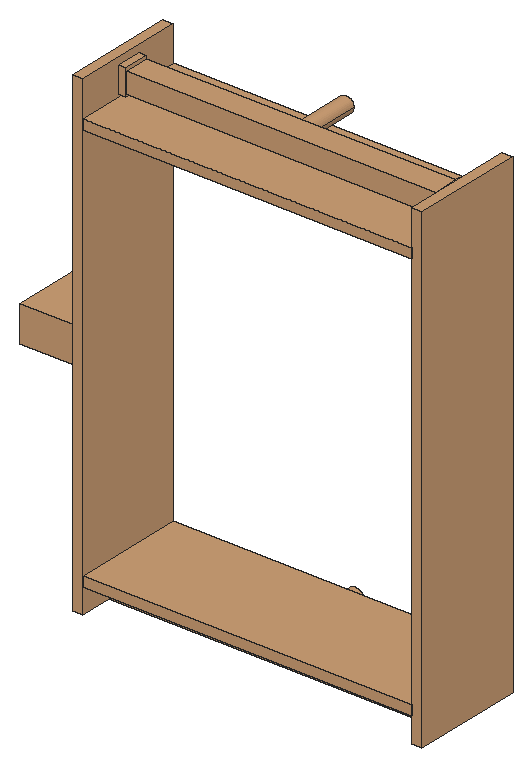
Revit family
Parameters
  Center Of Unit = 0' - 0"  # constant formula
  Water Pressure Drop [instance] = 0.00 psi
  Water Flow [instance] = 0 GPM
  Unit Weight (lbs) = 790
  URL = "http://www.ljwing.com/"
  Water Outlet Radius = 0' - 1 1/2"
  Water Outlet Odd sizes = 0' - 0"
  Total Heating Capacity [instance] = 0.0 Btu/h
  Temperature Rise [instance] = 0 °F
  Series = "VIFB"
  Outlet Area = 34.80 SF
  Number of Rows = 1  # constant formula
  Number of Coils [instance] = 0
  Nominal Length = 5' - 8 5/16"
  Model = "VE-6"
  Manufacturer = "LJ Wing"
  Leaving Water Temperature [instance] = 0 °F
  Leaving Air Temperature [instance] = 0 °F
  Face Velocity (FPM) [instance] = 0
  Entering Water Temperature [instance] = 0 °F
  Entering Air Temperature [instance] = 0 °F
  Description = "Vertical Integral Face & Bypass Water Heating Coils"
  Hot Water Odd Sizes = 0' - 0"
  Hot Water Inlet Offset = 0' - 4 3/8"  # constant formula
  Hot Water Inlet  Radius = 0' - 1 1/2"
  Coil Face Area = Outlet Area * 0.56  # 19.488 SF
  Casing Material = ""
  Assembly Code = "D3020300"
  Air Pressure Drop [instance] = 0.00 in-wg
  Air Inlet Width = Nominal Length - 0' 4"  # 5' - 4 5/16"
  Air Inlet Height = Y  # 6' - 6"
  Air Flow [instance] = 0 CFM
  Z = 0' - 2 1/8"
  Y = 6' - 6"
  S = 0' - 6 13/16"
  Product URL = "http://www.ljwing.com/html/vifb.asp"
  OmniClass = "23-75 70 21 14"
  Nominal Height = 7' - 9 11/16"
  Nominal Depth = 1' - 10"
  R = 0' - 8 7/8"
  Q = 0' - 4 5/32"
  P = 0' - 3 3/4"
  L = 0' - 3"
Reference planes (in)
  plane 1 "Center (Front/Back)": y = 0
  plane 2: z = -39
  plane 3 "Center (Left/Right)": x = 0
  plane 4: z = 47.875
  plane 5: x = -34.15625
  plane 6: x = 34.15625
  plane 7: z = -45.8125
  plane 8: z = 0
  plane 9: y = -11
  plane 10: y = 11
  plane 11: z = 39
  plane 12: z = 41
  plane 13: z = -41
  plane 14: x = 32.15625
  plane 15: x = -32.15625
  plane 16: z = 44.125
  plane 17: z = -42.8125
  plane 18: x = -30
  plane 19: x = 30
  plane 20: y = 13.125
  plane 21: y = 15.375
  plane 22: x = -45.15625
  plane 23: x = 0
  plane 24: x = 0
  plane 25: z = 46.125
  plane 26: z = 42.125
  plane 27: y = -2.5
  plane 28: y = 2.5
  plane 29: y = -4.5
Forms (in)
  Extrusion 1, solid, material "Painted Finish"
    sketch origin (0, 6, -9.75) x (1, 0, 0) y (0, 0, 1)
      loop
        line (-34.15625, -36.0625) -> (-32.15625, -36.0625) -> (-32.15625, 57.625) -> (-34.15625, 57.625) -> (-34.15625, -36.0625)
      loop
        line (34.15625, -36.0625) -> (34.15625, 57.625) -> (32.15625, 57.625) -> (32.15625, -36.0625) -> (34.15625, -36.0625)
    from -5 to 17
  Extrusion 2, solid, material "Painted Finish"
    sketch origin (0, 6, 0) x (1, 0, 0) y (0, 0, 1)
      loop
        line (32.15625, -39) -> (-32.15625, -39) -> (-32.15625, -41) -> (32.15625, -41) -> (32.15625, -39)
      loop
        line (32.15625, 39) -> (32.15625, 41) -> (-32.15625, 41) -> (-32.15625, 39) -> (32.15625, 39)
    from -5 to 17
  Extrusion 3, solid, material "Painted Finish"
    sketch origin (0, 10, -0.5) x (1, 0, 0) y (0, 0, 1)
      loop
        line (-34.15625, 4) -> (-45.15625, 4) -> (-45.15625, -3) -> (-34.15625, -3) -> (-34.15625, 4)
    from 0 to 20
  Extrusion 4, solid, material "Painted Finish"
    sketch origin (0, 6, 0) x (1, 0, 0) y (0, 0, 1)
      loop
        line (-30.53125, 46.125) -> (-30.53125, 42.125) -> (30.53125, 42.125) -> (30.53125, 46.125) -> (-30.53125, 46.125)
    from 3.5 to 8.5
  Extrusion 5, solid, material "Painted Finish"
    sketch origin (0, 0, 0) x (1, 0, 0) y (0, 0, 1)
      loop
        line (-30.53125, 41.625) -> (-30.53125, 46.625) -> (-32.15625, 46.625) -> (-32.15625, 41.625) -> (-30.53125, 41.625)
      loop
        line (32.15625, 41.625) -> (32.15625, 46.625) -> (30.53125, 46.625) -> (30.53125, 41.625) -> (32.15625, 41.625)
    from -2.5 to 2.5
  Extrusion 6, solid, material "Painted Finish"
    sketch origin (0, 23, 0) x (1, 0, 0) y (0, 0, 1)
      loop
        circle (0, 44.125) r 1.5
    from 9.875 to 20.5
  Extrusion 7, solid, material "Painted Finish"
    sketch origin (0, 6, 0) x (1, 0, 0) y (0, 0, 1)
      loop
        line (-32.15625, -41) -> (-32.15625, -45.8125) -> (32.15625, -45.8125) -> (32.15625, -41) -> (-32.15625, -41)
    from -5 to 10.5
  Extrusion 8, solid, material "Painted Finish"
    sketch origin (0, 23, 0) x (1, 0, 0) y (0, 0, 1)
      loop
        circle (0, -42.8125) r 1.5
    from 7.625 to 12
  Extrusion 9, void
    sketch origin (0, 0, 0) x (1, 0, 0) y (0, 0, 1)
      loop
        line (-32.15625, 39) -> (-32.15625, -39) -> (32.15625, -39) -> (32.15625, 39) -> (-32.15625, 39)
    from -11 to 11
Cuts and joins
  Extrusion 9 cuts Extrusion 1
  Extrusion 9 cuts Extrusion 2
Dimensions and locks (in)
  "Nominal Length": plane 6 to plane 5
  equal spacing: plane 6, plane 3 "Center (Left/Right)", plane 5
  "S": plane 2 to plane 7
  "Nominal Depth": plane 10 to plane 9
  equal spacing: plane 10, plane 1 "Center (Front/Back)", plane 9
  "Y": plane 11 to plane 2
  "R": plane 4 to plane 11
  locked: plane 12 to plane 11 at 2
  locked: plane 2 to plane 13 at 2
  "P": plane 4 to plane 16
  "L": plane 17 to plane 7
  "Q": plane 18 to plane 5
  "Q": plane 6 to plane 19
  "Z": plane 20 to plane 10
  "Hot Water Inlet Offset": plane 21 to plane 10
  locked: plane 5 to plane 22 at 11
  locked: Extrusion 3 sketch curve to Extrusion 3 sketch curve at 7
  locked: Extrusion 3 to Extrusion 3 at 20
  locked: plane 6 to plane 14 at 2
  locked: plane 15 to plane 5 at 2
  "Water Outlet Odd sizes": plane 23 to plane 3 "Center (Left/Right)"
  "Hot Water Odd Sizes": plane 3 "Center (Left/Right)" to plane 24
  equal spacing: plane 25, plane 16, plane 26
  locked: Extrusion 5 sketch curve to plane 25 at 0.5
  locked: plane 26 to Extrusion 5 sketch curve at 0.5
  locked: Extrusion 6 sketch curve to plane 16 at 0
  locked: Extrusion 6 sketch curve to plane 23 at 0
  locked: Extrusion 8 sketch curve to plane 17 at 0
  locked: Extrusion 8 sketch curve to plane 24 at 0
  locked: plane 25 to plane 26 at 4
  locked: plane 28 to plane 27 at 5
  equal spacing: plane 28, plane 1 "Center (Front/Back)", plane 27
  locked: plane 27 to plane 29 at 2
  plane 4 to plane 7 = 7' - 9 11/16"
  locked: Extrusion 5 sketch curve to Extrusion 1 at 1.625
  locked: Extrusion 5 sketch curve to Extrusion 5 sketch curve at 1.625
  locked: Extrusion 9 sketch curve to plane 11 at 0
  locked: Extrusion 9 sketch curve to plane 15 at 0
  locked: Extrusion 9 sketch curve to plane 14 at 0
  locked: Extrusion 9 sketch curve to plane 2 at 0
  equal spacing: plane 11, plane 8, plane 2
  "Water Outlet Radius": radius of Extrusion 6 sketch curve
  "Hot Water Inlet  Radius": radius of Extrusion 8 sketch curve
  aligned and locked: Extrusion 1 to plane 9
  aligned and locked: Extrusion 1 to plane 10
  aligned and locked: Extrusion 1 to plane 15
  aligned and locked: Extrusion 1 to plane 14
  aligned and locked: Extrusion 2 to plane 9
  aligned and locked: plane 9 to Extrusion 1
  aligned and locked: plane 10 to Extrusion 1  (x2)
  aligned and locked: Extrusion 2 to plane 10
  aligned and locked: plane 10 to Extrusion 2  (x2)
  aligned and locked: plane 9 to Extrusion 2  (x2)
  aligned and locked: plane 5 to Extrusion 3
  aligned and locked: Extrusion 5 sketch curve to plane 15
  aligned and locked: Extrusion 5 sketch curve to Extrusion 4
  aligned and locked: Extrusion 6 to plane 20
  aligned and locked: Extrusion 1 to Extrusion 7
  aligned and locked: Extrusion 8 to plane 10
  aligned and locked: plane 21 to Extrusion 8
  aligned and locked: plane 27 to Extrusion 5
  aligned and locked: Extrusion 5 to Extrusion 4  (x2)
  aligned and locked: Extrusion 5 to plane 28
  aligned and locked: Extrusion 6 to Extrusion 4
  aligned and locked: Extrusion 7 to plane 29  (x2)
  aligned and locked: Extrusion 8 to Extrusion 7
  aligned and locked: Extrusion 4 to Extrusion 5  (x2)
  aligned and locked: Extrusion 5 to Extrusion 1  (x2)
  aligned and locked: plane 2 to Extrusion 2
  aligned and locked: Extrusion 1 sketch curve to plane 6
  aligned and locked: Extrusion 1 sketch curve to plane 14
  aligned and locked: Extrusion 1 sketch curve to plane 15
  aligned and locked: Extrusion 1 sketch curve to plane 5
  aligned and locked: plane 7 to Extrusion 1 sketch curve  (x2)
  aligned and locked: Extrusion 1 sketch curve to plane 4  (x2)
  aligned and locked: Extrusion 2 sketch curve to plane 11
  aligned and locked: Extrusion 2 sketch curve to plane 12
  aligned and locked: Extrusion 2 sketch curve to plane 14
  aligned and locked: Extrusion 2 sketch curve to plane 15
  aligned and locked: Extrusion 2 sketch curve to plane 13
  aligned and locked: plane 2 to Extrusion 2 sketch curve
  aligned and locked: plane 14 to Extrusion 2 sketch curve
  aligned and locked: plane 15 to Extrusion 2 sketch curve
  aligned and locked: plane 13 to Extrusion 7 sketch curve
  aligned and locked: Extrusion 7 sketch curve to plane 7
  aligned and locked: plane 14 to Extrusion 7 sketch curve
  aligned and locked: Extrusion 7 sketch curve to plane 15
  aligned and locked: cut or joined group of Extrusion 1, Extrusion 9 to plane 10
  aligned and locked: Extrusion 8 to plane 21
Automatic sketch dimensions
  Extrusion 3 sketch curve to plane 22 = 0' - 0"
  Extrusion 3 sketch curve to plane 5 = 0' - 0"
  plane 8 to Extrusion 3 sketch curve = 0' - 3 1/2"
  Extrusion 4 sketch curve to plane 25 = 0' - 0"
  Extrusion 4 sketch curve to plane 26 = 0' - 0"
  Extrusion 4 sketch curve to plane 18 = 0' - 0 17/32"
  plane 19 to Extrusion 4 sketch curve = 0' - 0 17/32"
  plane 26 to Extrusion 5 sketch curve = 0' - 0 1/2"
  Extrusion 5 sketch curve to plane 25 = 0' - 0 1/2"
Connectors (in)
  hvac at (0, -11, 0), driven by "Air Inlet Height", driven by "Air Inlet Width", driven by "Air Flow", driven by "Air Pressure Drop"
    settings: on Extrusion 9, index 1
  hvac at (0, 11, 0), driven by "Air Pressure Drop", driven by "Air Inlet Height", driven by "Air Inlet Width", driven by "Air Flow"
    settings: on Extrusion 9, index 2
  piping at (0, 13.125, 44.125), driven by "Water Flow", driven by "Water Outlet Radius", driven by "Water Pressure Drop"
    settings: on Extrusion 6, index 3
  piping at (0, 15.375, -42.8125), driven by "Water Flow", driven by "Water Pressure Drop", driven by "Hot Water Inlet  Radius"
    settings: on Extrusion 8, index 4
